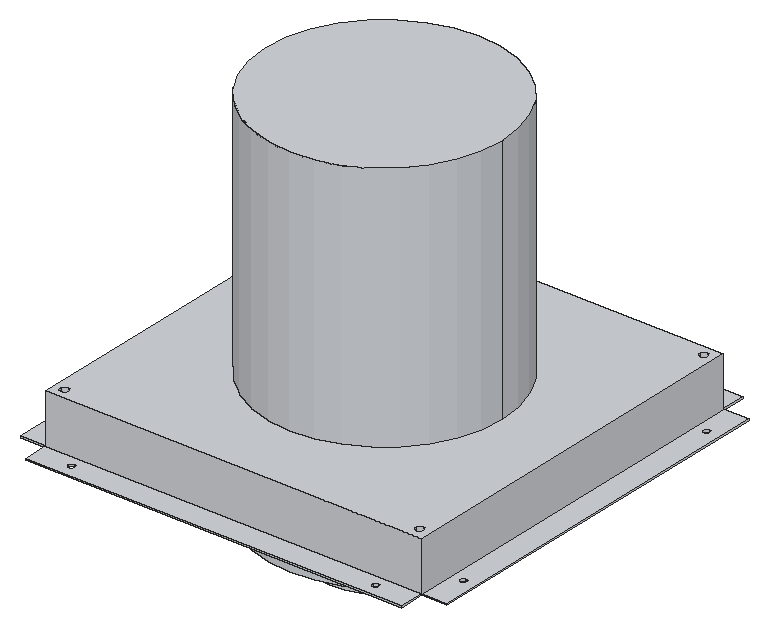
Revit family "MTO4F", category Generic Models, host Face, Revit 2019
Family settings
  Host = Face
  Can host rebar = No
  Round Connector Dimension = Use Diameter
  Part Type = Normal
  Cut with Voids When Loaded = No
  Shared = No
  Room Calculation Point = No
Parameters
  Default Elevation = 48.00"
Reference planes (in)
  plane 1 "Center (Front/Back)": y = 0
  plane 2: z = 0
  plane 3 "Center (Left/Right)": x = 0
Forms (in)
  Extrusion 1, solid
    sketch origin (0, 0, 0) x (1, 0, 0) y (0, 1, 0)
      loop
        line (-5.5625, 5.5625) -> (-5.5625, -5.5625) -> (5.5625, -5.5625) -> (5.5625, 5.5625) -> (-5.5625, 5.5625)
      loop
        circle (5.25, 5.25) r 0.125
      loop
        circle (-5.25, 5.25) r 0.125
      loop
        circle (-5.25, -5.25) r 0.125
      loop
        circle (5.25, -5.25) r 0.125
    from 0 to 1.5
  Extrusion 2, solid
    sketch origin (0, 0, 0) x (1, 0, 0) y (0, 1, 0)
      loop
        circle (0, 0) r 3.5
    from 1.5 to 8.88
  Extrusion 3, solid
    sketch origin (0, 0, 0) x (1, 0, 0) y (0, 1, 0)
      loop
        circle (0, 0) r 3.5
    from 0 to -2.25
  Extrusion 4, solid
    sketch origin (0, 0, 0) x (1, 0, 0) y (0, 1, 0)
      loop
        circle (0, 0) r 2
    from -2.25 to -3.25
  Extrusion 5, solid
    sketch origin (0, 0, 0) x (1, 0, 0) y (0, 1, 0)
      loop
        line (-5.5625, 6.3125) -> (-5.5625, 5.5625) -> (5.5625, 5.5625) -> (5.5625, 6.3125) -> (-5.5625, 6.3125)
      loop
        line (5.5625, -5.5625) -> (-5.5625, -5.5625) -> (-5.5625, -6.3125) -> (5.5625, -6.3125) -> (5.5625, -5.5625)
      loop
        circle (-4.5, -5.9375) r 0.09375
      loop
        circle (4.5, -5.9375) r 0.09375
      loop
        circle (-4.5, 5.9375) r 0.09375
      loop
        circle (4.5, 5.9375) r 0.09375
    from 0 to 0.04
  Extrusion 6, solid
    sketch origin (0, 0, 0) x (0, 1, 0) y (-1, 0, 0)
      loop
        line (-5.5625, -6.3125) -> (5.5625, -6.3125) -> (5.5625, -5.5625) -> (-5.5625, -5.5625) -> (-5.5625, -6.3125)
      loop
        line (5.5625, 5.5625) -> (5.5625, 6.3125) -> (-5.5625, 6.3125) -> (-5.5625, 5.5625) -> (5.5625, 5.5625)
      loop
        circle (-4.5, 5.9375) r 0.09375
      loop
        circle (4.5, 5.9375) r 0.09375
      loop
        circle (-4.5, -5.9375) r 0.09375
      loop
        circle (4.5, -5.9375) r 0.09375
    from 0 to 0.04
Dimensions and locks (in)
  aligned and locked: plane 2 to host face
  aligned and locked: level to host face
Connectors (in)
  hvac at (0, 0, -3.25)
    settings: on Extrusion 4, index 1, duct flow 0 CFM, flow factor 0, pres drop 0.00 in-wg, loss coef 0, conn angle 0.00°, conn width 12", conn height 12", conn diameter 4", duct sys type 1, conn prof type 0, flow config 0, flow direction 0, loss method 0, conn ref index -1, conn util no, is conn primary yes, conn desc ""
